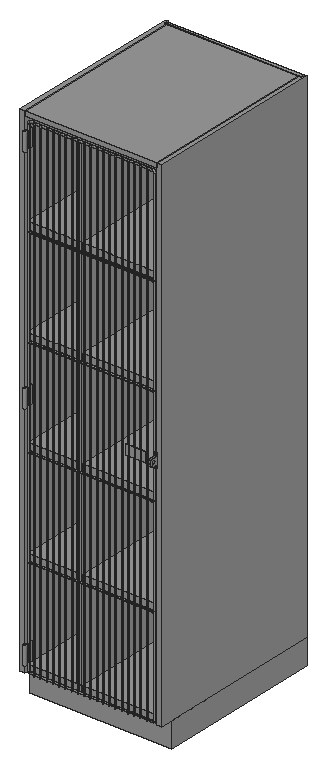
Revit family "TMI_M3008-Music_Wire Grille Doors1", category Casework, Revit 2016
Family settings
  OmniClass Number = 23.40.35.14.11
  OmniClass Title = Modular Casework
  Work Plane-Based = No
  Always vertical = Yes
  Cut with Voids When Loaded = No
  Shared = No
  Room Calculation Point = No
Parameters (values of type "23" x 84-1/2" x 29"")
  URL = "www.tmisystems.com"
  Toe Kick Height = 4"
  Toe Kick Depth = 2"
  Shelf Thickness = 1 1/8"
  Model = "M3008/M5008"
  Manufacturer = "TMI Systems Corporation"
  Interior Finish = none
  Individual Wire Grille Doors [instance] = not(Full Height Wire Grille Door)  # no
  Full Height Wire Grille Door [instance] = yes
  Filler Width (Hinge) [instance] = 3"
  Filler (Pull Side) [instance] = no
  Filler (Hinge Side) [instance] = no
  Filler Width (Pull) [instance] = 3"
  Description = "Clarinet, Flute, Oboe, Piccolo / Alto Saxophone, Cornet, Trumpet"
  Depth = 29"
  Height = 84 1/2"
  Width = 22 5/8"
  Casework Thickness = 3/4"
  Casework Back Thickness = 1/2"
  Cabinet Finish = Plastic Laminate
  Assembly Code = ""
Types (2): name | Description | Depth
  23" x 84-1/2" x 29" | "Clarinet, Flute, Oboe, Piccolo / Alto Saxophone, Cornet, Trumpet" | 29"
  23" x 84-1/2" x 39" | "Clarinet, Flute, Oboe, Piccolo (left) / Alto Cornet, Basson, Bass Clarinet, Tenor Saxophone, Trombone, Violin, Viola (right)" | 39"
Reference planes (in)
  plane 1 "Back": y = 15
  plane 2: z = 0
  plane 3 "Center (Left/Right)": x = 0.7377
  plane 4 "Left": x = -10.5748
  plane 5 "Right": x = 12.0502
  plane 6 "Front": y = -14
  plane 7 "Top": z = 84.5
  plane 8: y = 14.375
  plane 9: x = -9.8248
  plane 10: x = 11.3002
  plane 11: z = 83.75
  plane 12: y = 14.875
  plane 13: y = -12
  plane 14: z = 4
  plane 15: z = 5.125
  plane 16: y = -13.61906
  plane 17: z = 68.625
  plane 18: y = -11.25
  plane 19: y = -13.25
  plane 20: x = -1.0748
  plane 21: x = -1.8248
  plane 22: z = 52.75
  plane 23: z = 36.875
  plane 24: y = -13.49461
  plane 25: z = 83.25
  plane 26: x = 11.6752
  plane 27: x = -10.1998
  plane 28: z = 21
  plane 29: x = -1.4498
  plane 30: y = -13.60344
Forms (in)
  Extrusion 1, solid, material "Plastic Laminate" <- "Cabinet Finish"
    sketch origin (0, 0.21844, 0) x (1, 0, 0) y (0, 1, 0)
      loop
        line (-10.5748, 14.78156) -> (-10.5748, -14.21844) -> (-9.8248, -14.21844) -> (-9.8248, 14.15656) -> (-10.19927, 14.15656) -> (-10.19927, 14.78156) -> (-10.5748, 14.78156)
      loop
        line (11.67327, 14.78156) -> (11.67327, 14.15656) -> (11.3002, 14.15656) -> (11.3002, -14.21844) -> (12.0502, -14.21844) -> (12.0502, 14.78156) -> (11.67327, 14.78156)
    from 4 to 84.5
  Extrusion 2, solid, material "Plastic Laminate" <- "Cabinet Finish"
    sketch origin (0.84915, 11.94613, -1.44731) x (1, 0, 0) y (0, 0, 1)
      loop
        line (-10.67395, 6.57231) -> (-10.67395, 5.44731) -> (10.45105, 5.44731) -> (10.45105, 6.57231) -> (-10.67395, 6.57231)
    from -2.42887 to 25.56519
  Extrusion 3, solid, material "Plastic Laminate" <- "Cabinet Finish"
    sketch origin (0, 0, 0) x (1, 0, 0) y (0, 1, 0)
      loop
        line (-10.19927, 14.875) -> (-10.19927, 14.375) -> (11.67327, 14.375) -> (11.67327, 14.875) -> (-10.19927, 14.875)
    from 84.5 to 4
  Extrusion 4, solid, material "Plastic Laminate" <- "Cabinet Finish", visible <- "Filler (Pull Side)"
    sketch origin (0, -14, 0) x (1, 0, 0) y (0, 0, 1)
      loop
        line (12.0502, 84.5) -> (12.0502, 4) -> (15.0502, 4) -> (15.0502, 84.5) -> (12.0502, 84.5)
    from -0.75 to 0
  Extrusion 5, solid, material "Plastic Laminate" <- "Cabinet Finish", visible <- "Filler (Hinge Side)"
    sketch origin (0, -14, 0) x (1, 0, 0) y (0, 0, 1)
      loop
        line (-13.5748, 84.5) -> (-13.5748, 4) -> (-10.5748, 4) -> (-10.5748, 84.5) -> (-13.5748, 84.5)
    from -0.75 to 0
  Extrusion 6, solid, material "Wood"
    sketch origin (0, 0, 0) x (1, 0, 0) y (0, 0, 1)
      loop
        line (12.0502, 4) -> (-10.5748, 4) -> (-10.5748, 0) -> (12.0502, 0) -> (12.0502, 4)
    from -15 to 12
  Extrusion 7, solid, material "Wood", visible <- "Filler (Pull Side)"
    sketch origin (0, 0, 0) x (1, 0, 0) y (0, 0, 1)
      loop
        line (15.0502, 4) -> (12.0502, 4) -> (12.0502, 0) -> (15.0502, 0) -> (15.0502, 4)
    from 11.25 to 12
  Extrusion 8, solid, material "Wood", visible <- "Filler (Hinge Side)"
    sketch origin (0, 0, 0) x (1, 0, 0) y (0, 0, 1)
      loop
        line (-10.5748, 4) -> (-13.5748, 4) -> (-13.5748, 0) -> (-10.5748, 0) -> (-10.5748, 4)
    from 11.25 to 12
  Extrusion 9, solid, material "Plastic Laminate" <- "Cabinet Finish"
    sketch origin (0, -14, 0) x (1, 0, 0) y (0, 0, 1)
      loop
        line (-9.8248, 68.625) -> (-9.8248, 67.5) -> (11.3002, 67.5) -> (11.3002, 68.625) -> (-9.8248, 68.625)
      loop
        line (-9.8248, 52.75) -> (-9.8248, 51.625) -> (11.3002, 51.625) -> (11.3002, 52.75) -> (-9.8248, 52.75)
      loop
        line (-9.8248, 35.75) -> (11.3002, 35.75) -> (11.3002, 36.875) -> (-9.8248, 36.875) -> (-9.8248, 35.75)
      loop
        line (-9.8248, 19.875) -> (11.3002, 19.875) -> (11.3002, 21) -> (-9.8248, 21) -> (-9.8248, 19.875)
    from -28.375 to -0.39656
  Extrusion 10, solid, material "Plastic Laminate" <- "Cabinet Finish", visible <- "Individual Wire Grille Doors"
    sketch origin (67.5, -14, 0) x (1, 0, 0) y (0, 0, 1)
      loop
        line (-69.3248, 83.75) -> (-69.3248, 4) -> (-68.5748, 4) -> (-68.5748, 83.75) -> (-69.3248, 83.75)
    from -28.375 to 0
  Extrusion 11, solid, material "Plastic Laminate" <- "Cabinet Finish"
    sketch origin (0, 15, 0) x (1, 0, 0) y (0, 0, 1)
      loop
        line (-9.8248, 84.5) -> (-9.8248, 83.75) -> (11.3002, 83.75) -> (11.3002, 84.5) -> (-9.8248, 84.5)
    from 0.625 to 29
  Extrusion 12, solid, material "Plastic Laminate" <- "Cabinet Finish", visible <- "Full Height Wire Grille Door"
    sketch origin (69.25, -14, 0) x (1, 0, 0) y (0, 0, 1)
      loop
        line (-71.0748, 83.75) -> (-71.0748, 4) -> (-70.3248, 4) -> (-70.3248, 83.75) -> (-71.0748, 83.75)
    from -28.375 to -0.38094
Lines and regions (in)
  Masking region 1
    outline origin (44.5, 0, 0) x (1, 0, 0) y (0, 1, 0)
      loop
        line (-55.0748, 15) -> (-55.0748, -14) -> (-32.4498, -14) -> (-32.4498, 15) -> (-55.0748, 15)
  Masking region 2, visible <- "Filler (Hinge Side)"
    outline origin (0, 0, 0) x (1, 0, 0) y (0, 1, 0)
      loop
        line (-13.5748, -13.25) -> (-13.5748, -14) -> (-10.5748, -14) -> (-10.5748, -13.25) -> (-13.5748, -13.25)
  Masking region 3, visible <- "Filler (Pull Side)"
    outline origin (0, 0, 0) x (1, 0, 0) y (0, 1, 0)
      loop
        line (12.0502, -13.25) -> (12.0502, -14) -> (15.0502, -14) -> (15.0502, -13.25) -> (12.0502, -13.25)
  symbolic lines, style "CaseworkHiddenLines"
    curve 1: line (-2.3873, -14, 0) -> (-2.5123, -14, 0)
    curve 2: line (-0.2623, -14, 0) -> (-0.1373, -14, 0)
Dimensions and locks (in)
  equal spacing: plane 4 "Left", plane 3 "Center (Left/Right)", plane 5 "Right"
  "Casework Thickness": plane 4 "Left" to plane 9
  "Casework Thickness": plane 10 to plane 5 "Right"
  "Casework Thickness": plane 7 "Top" to plane 11
  "Filler Width (Pull)": plane 5 "Right" to Extrusion 4
  "Filler Width (Hinge)": Extrusion 5 to plane 4 "Left"
  "Depth": plane 6 "Front" to plane 1 "Back"
  locked: plane 12 to plane 1 "Back" at 0.125
  "Toe Kick Depth": plane 13 to plane 6 "Front"
  "Toe Kick Height": plane 14 to level
  "Height": plane 7 "Top" to level
  locked: plane 6 "Front" to plane 16 at 0.38094
  locked: plane 6 "Front" to plane 19 at 0.75
  locked: plane 18 to plane 13 at 0.75
  "Casework Thickness": plane 21 to plane 20
  plane 16 to plane 24 = 0.12445"
  locked: plane 11 to plane 25 at 0.5
  "Shelf Thickness": plane 15 to plane 14
  equal spacing: plane 7 "Top", plane 17, plane 22, plane 23, plane 28, plane 15
  equal spacing: plane 4 "Left", plane 27, plane 9
  equal spacing: plane 10, plane 26, plane 5 "Right"
  "Casework Back Thickness": plane 12 to plane 8
  "Width": plane 4 "Left" to plane 5 "Right"
  equal spacing: plane 21, plane 29, plane 20
  locked: plane 27 to plane 29 at 8.75
  "Shelf Thickness": plane 17 to Extrusion 9
  "Shelf Thickness": plane 22 to Extrusion 9
  "Shelf Thickness": plane 23 to Extrusion 9
  "Shelf Thickness": plane 28 to Extrusion 9
  locked: plane 16 to plane 30 at 0.01562
  aligned and locked: plane 2 to level
  aligned and locked: Extrusion 1 sketch curve to plane 4 "Left"
  aligned and locked: Extrusion 1 sketch curve to plane 9
  aligned and locked: Extrusion 1 sketch curve to plane 10
  aligned and locked: Extrusion 1 sketch curve to plane 5 "Right"
  aligned and locked: Extrusion 1 to plane 1 "Back"  (x2)
  aligned and locked: plane 8 to Extrusion 3 sketch curve
  aligned and locked: Extrusion 1 to plane 7 "Top"
  aligned and locked: plane 7 "Top" to Extrusion 4 sketch curve
  aligned and locked: Extrusion 4 sketch curve to plane 5 "Right"
  aligned and locked: plane 7 "Top" to Extrusion 5 sketch curve
  aligned and locked: Extrusion 7 to Extrusion 6
  aligned and locked: Extrusion 8 to Extrusion 6
  aligned and locked: plane 14 to Extrusion 8
  aligned and locked: plane 14 to Extrusion 6
  aligned and locked: plane 14 to Extrusion 7
  aligned and locked: Extrusion 4 to plane 14
  aligned and locked: Extrusion 5 to plane 14
  aligned and locked: Extrusion 1 to plane 14
  aligned and locked: Extrusion 2 to plane 14
  aligned and locked: plane 15 to Extrusion 2
  aligned and locked: Extrusion 6 to Extrusion 1
  aligned and locked: plane 1 "Back" to Masking region 1 sketch curve
  aligned and locked: Extrusion 8 to plane 13
  aligned and locked: plane 9 to Extrusion 9 sketch curve  (x2)
  aligned and locked: Extrusion 9 sketch curve to plane 9  (x2)
  aligned and locked: Extrusion 9 sketch curve to plane 10  (x4)
  aligned and locked: plane 8 to Extrusion 9
  aligned and locked: plane 4 "Left" to Masking region 2 sketch curve
  aligned and locked: Masking region 3 sketch curve to plane 5 "Right"
  aligned and locked: Extrusion 9 to plane 17  (x2)
  aligned and locked: plane 6 "Front" to Extrusion 1  (x2)
  aligned and locked: plane 6 "Front" to Extrusion 4
  aligned and locked: plane 6 "Front" to Extrusion 5
  aligned and locked: plane 18 to Extrusion 7
  aligned and locked: Extrusion 4 to plane 19
  aligned and locked: Extrusion 5 to plane 19
  aligned and locked: plane 18 to Extrusion 8
  aligned and locked: Extrusion 8 to Extrusion 5
  aligned and locked: Masking region 2 to Extrusion 5
  aligned and locked: Masking region 2 to plane 19
  aligned and locked: Extrusion 4 to Extrusion 7
  aligned and locked: Masking region 3 to Extrusion 4
  aligned and locked: Masking region 3 to plane 19
  aligned and locked: plane 23 to Extrusion 9
  aligned and locked: Extrusion 9 to plane 22
  aligned and locked: Extrusion 2 to plane 9
  aligned and locked: Extrusion 2 to plane 10
  aligned and locked: plane 16 to Extrusion 2
  aligned and locked: plane 8 to Extrusion 10
  aligned and locked: Extrusion 11 sketch curve to plane 11
  aligned and locked: plane 9 to Extrusion 11 sketch curve
  aligned and locked: Extrusion 11 sketch curve to plane 10
  aligned and locked: plane 6 "Front" to Extrusion 11
  aligned and locked: Extrusion 10 to plane 21
  aligned and locked: Extrusion 10 to plane 20
  aligned and locked: plane 9 to Extrusion 1
  aligned and locked: plane 6 "Front" to Masking region 1
  aligned and locked: Extrusion 11 to plane 7 "Top"
  aligned and locked: plane 8 to Extrusion 11
  aligned and locked: Extrusion 3 to Extrusion 1  (x2)
  aligned and locked: plane 8 to Extrusion 2
  aligned and locked: Extrusion 3 to plane 14
  aligned and locked: Extrusion 3 to plane 7 "Top"
  aligned and locked: plane 28 to Extrusion 9 sketch curve
  aligned and locked: nested 1 to plane 14
  aligned and locked: nested 1 to plane 20
  aligned and locked: nested 1 to plane 6 "Front"
  aligned and locked: nested 5 to plane 6 "Front"  (x2)
  aligned and locked: nested 4 to plane 6 "Front"
  aligned and locked: nested 3 to plane 6 "Front"
  aligned and locked: nested 2 to plane 6 "Front"
  aligned and locked: nested 2 to plane 20
  aligned and locked: plane 25 to nested 5
  aligned and locked: nested 5 to plane 20
  aligned and locked: plane 6 "Front" to Extrusion 10
  aligned and locked: plane 8 to Extrusion 12
  aligned and locked: Extrusion 12 to plane 21
  aligned and locked: Extrusion 12 to plane 20
  aligned and locked: plane 16 to Extrusion 12
  aligned and locked: Extrusion 12 to plane 11
  aligned and locked: Extrusion 10 to plane 11
  aligned and locked: nested 3 to plane 20
  aligned and locked: nested 4 to plane 20
  aligned and locked: plane 9 to nested 7
  aligned and locked: plane 9 to nested 8
  aligned and locked: plane 9 to nested 6
  aligned and locked: plane 9 to nested 9
  aligned and locked: nested 6 to plane 14
  aligned and locked: plane 25 to nested 8
  aligned and locked: nested 7 to plane 6 "Front"
  aligned and locked: nested 8 to plane 6 "Front"
  aligned and locked: nested 6 to plane 6 "Front"
  aligned and locked: nested 9 to plane 6 "Front"
  aligned and locked: plane 9 to nested 10
  aligned and locked: nested 10 to plane 6 "Front"
  aligned and locked: nested 10 to plane 14
  aligned and locked: Extrusion 9 to nested 2
  aligned and locked: Extrusion 9 to nested 3
  aligned and locked: Extrusion 9 to nested 9
  aligned and locked: Extrusion 9 to nested 4
  aligned and locked: Extrusion 9 to nested 7
  aligned and locked: plane 30 to Extrusion 9
  aligned and locked: Extrusion 10 to plane 14
  aligned and locked: Extrusion 12 to plane 14
  aligned and locked: Extrusion 9 to nested 11
  aligned and locked: nested 11 to plane 6 "Front"
  aligned and locked: plane 9 to nested 11
Automatic sketch dimensions
  curve 1 to level = 0"
  curve 2 to level = 0"
  curve 1 to plane 21 = 11/16"
  curve 1 to curve 1 = 1/8"
  curve 2 to plane 20 = 13/16"
  curve 2 to curve 2 = 1/8"
  plane 1 "Back" to Extrusion 1 sketch curve = 0"  (x2)
  Extrusion 1 sketch curve to plane 8 = 0"  (x2)
  plane 6 "Front" to Extrusion 1 sketch curve = 0"  (x2)
  Extrusion 1 sketch curve to plane 27 = 0.00052"
  plane 26 to Extrusion 1 sketch curve = 0.00194"
  Extrusion 2 sketch curve to plane 9 = 0"
  plane 10 to Extrusion 2 sketch curve = 0"
  Extrusion 2 sketch curve to plane 14 = 0"
  Extrusion 2 sketch curve to plane 15 = 0"
  Extrusion 3 sketch curve to plane 12 = 0"
  Extrusion 3 sketch curve to plane 27 = 0.00052"
  plane 26 to Extrusion 3 sketch curve = 0.00194"
  Extrusion 4 sketch curve to plane 14 = 0"
  Extrusion 4 sketch curve to plane 5 "Right" = 3"
  Extrusion 5 sketch curve to plane 14 = 0"
  plane 4 "Left" to Extrusion 5 sketch curve = 0"
  Extrusion 5 sketch curve to Extrusion 5 sketch curve = 3"
  plane 4 "Left" to Extrusion 6 sketch curve = 0"
  Extrusion 6 sketch curve to level = 0"
  plane 5 "Right" to Extrusion 6 sketch curve = 0"
  Extrusion 6 sketch curve to plane 14 = 0"
  plane 5 "Right" to Extrusion 7 sketch curve = 0"
  Extrusion 7 sketch curve to level = 0"
  Extrusion 7 sketch curve to plane 14 = 0"
  Extrusion 7 sketch curve to plane 5 "Right" = 3"
  Extrusion 8 sketch curve to plane 14 = 0"
  Extrusion 8 sketch curve to level = 0"
  plane 4 "Left" to Extrusion 8 sketch curve = 0"
  Extrusion 8 sketch curve to Extrusion 8 sketch curve = 3"
  Masking region 1 sketch curve to plane 4 "Left" = 0"
  Masking region 1 sketch curve to plane 5 "Right" = 0"
  plane 6 "Front" to Masking region 1 sketch curve = 0"
  Extrusion 9 sketch curve to plane 23 = 0"
  Extrusion 9 sketch curve to plane 22 = 0"
  Extrusion 9 sketch curve to plane 17 = 0"
  plane 6 "Front" to Masking region 2 sketch curve = 0"
  plane 19 to Masking region 2 sketch curve = 0"
  plane 4 "Left" to Masking region 2 sketch curve = 3"
  plane 6 "Front" to Masking region 3 sketch curve = 0"
  plane 19 to Masking region 3 sketch curve = 0"
  Masking region 3 sketch curve to Masking region 3 sketch curve = 3"
  Extrusion 10 sketch curve to plane 15 = 1 1/8"
  Extrusion 10 sketch curve to plane 21 = 0"
  plane 20 to Extrusion 10 sketch curve = 0"
  plane 11 to Extrusion 10 sketch curve = 0"
  Extrusion 11 sketch curve to plane 7 "Top" = 0"
  Extrusion 12 sketch curve to plane 15 = 1 1/8"
  plane 11 to Extrusion 12 sketch curve = 0"
  plane 20 to Extrusion 12 sketch curve = 3/4"
  Extrusion 12 sketch curve to Extrusion 12 sketch curve = 3/4"
  Extrusion 9 sketch curve to plane 28 = 1 1/8"
  Extrusion 9 sketch curve to Extrusion 9 sketch curve = 1 1/8"  (x3)
Nested families (in)
  nested 1: "Individual Wire Grille Doors 27in Wide x2" at (5.11185, -13.76369, 4), visible <- "Individual Wire Grille Doors", type "Individual Wire Grille Doors 27in Wide x2"
    with Number of Verticle Bars 11, Bar Spacing 1"
  nested 2: "Individual Wire Grille Doors 27in Wide x2" at (5.11185, -13.76369, 19.875), visible <- "Individual Wire Grille Doors", type "Individual Wire Grille Doors 27in Wide x2"
    with Number of Verticle Bars 11, Bar Spacing 1"
  nested 3: "Individual Wire Grille Doors 27in Wide x2" at (5.11185, -13.76369, 35.75), visible <- "Individual Wire Grille Doors", type "Individual Wire Grille Doors 27in Wide x2"
    with Number of Verticle Bars 11, Bar Spacing 1"
  nested 4: "Individual Wire Grille Doors 27in Wide x2" at (5.11185, -13.76369, 51.625), visible <- "Individual Wire Grille Doors", type "Individual Wire Grille Doors 27in Wide x2"
    with Number of Verticle Bars 11, Bar Spacing 1"
  nested 5: "Individual Wire Grille Doors 27in Wide x2" at (5.11185, -13.76369, 67.625), visible <- "Individual Wire Grille Doors", type "Individual Wire Grille Doors 27in Wide x2"
    with Number of Verticle Bars 11, Bar Spacing 1"
  nested 6: "Individual Wire Grille Doors 27in Wide" at (-5.82565, -13.76369, 4), visible <- "Individual Wire Grille Doors", type "Individual Wire Grille Doors 27in Wide"
    with Number of Verticle Bars 6, Bar Spacing 1"
  nested 7: "Individual Wire Grille Doors 27in Wide" at (-5.82565, -13.76369, 51.625), visible <- "Individual Wire Grille Doors", type "Individual Wire Grille Doors 27in Wide"
    with Number of Verticle Bars 6, Bar Spacing 1"
  nested 8: "Individual Wire Grille Doors 27in Wide" at (-5.82565, -13.76369, 67.625), visible <- "Individual Wire Grille Doors", type "Individual Wire Grille Doors 27in Wide"
    with Number of Verticle Bars 6, Bar Spacing 1"
  nested 9: "Individual Wire Grille Doors 27in Wide" at (-5.82565, -13.76369, 35.75), visible <- "Individual Wire Grille Doors", type "Individual Wire Grille Doors 27in Wide"
    with Number of Verticle Bars 6, Bar Spacing 1"
  nested 10: "Full Height Wire Grille Door 23in Wide" at (0.73685, -13.76369, 4), visible <- "Full Height Wire Grille Door", type "Full Height Wire Grille Door 23in Wide"
    with Number of Verticle Bars 19, Bar Spacing 1"
  nested 11: "Individual Wire Grille Doors 27in Wide" at (-5.82565, -13.76369, 19.875), visible <- "Individual Wire Grille Doors", type "Individual Wire Grille Doors 27in Wide"
    with Number of Verticle Bars 6, Bar Spacing 1"
Definition of nested family "Individual Wire Grille Doors 27in Wide x2"
  Parameters (values of type "Individual Wire Grille Doors 27in Wide x2")
    Width = 11 3/8"
    Pull height from Bottom of Casework = 33 13/16"
    Number of Verticle Bars [instance] = (Width / Bar Spacing)  # 11
    Height = 15 5/8"
    Distance of Hinge from Edge of Casework = 2 13/16"
    Bar Spacing [instance] = 1"
  Reference planes (in)
    plane 1 "Center (Front/Back)": y = 0
    plane 2: z = 0
    plane 3 "Center (Left/Right)": x = 0
    plane 4: x = -5.81165
    plane 5: x = -5.56335
    plane 6: z = 15.625
    plane 7: z = 15.375
    plane 8: z = 15.5
    plane 9: x = -5.6875
    plane 10: x = 5.81888
    plane 11: x = 5.55612
    plane 12: x = 5.6875
    plane 13: z = 0.25
    plane 14: z = 0.125
    plane 15: y = -0.125
    plane 16: z = 7.8125
    plane 17: y = -0.17188
    plane 18: x = -4.6875
    plane 19: y = 0.28516
    plane 20: x = 6.19388
    plane 21: y = -0.23631
    plane 22: z = 2.8125
    plane 23: z = 12.8125
    plane 24: z = 8.93853
    plane 25: x = -4.6875
    plane 26: y = -0.17188
    plane 27: x = -3.6875
    plane 28: y = -0.17188
    plane 29: x = -2.6875
    plane 30: y = -0.17188
    plane 31: x = -1.6875
    plane 32: y = -0.17188
    plane 33: x = -0.6875
    plane 34: y = -0.17188
    plane 35: x = 0.3125
    plane 36: y = -0.17188
    plane 37: x = 1.3125
    plane 38: y = -0.17188
    plane 39: x = 2.3125
    plane 40: y = -0.17188
    plane 41: x = 3.3125
    plane 42: y = -0.17188
    plane 43: x = 4.3125
    plane 44: y = -0.17188
    plane 45: x = 5.3125
    plane 46: y = -0.17188
    plane 47: z = 7.8125
  Forms (in)
    Sweep 1, solid
      path origin (0, 0, 0) x (1, 0, 0) y (0, 0, 1)
        loop
          arc (-5.4375, 15.5) -> (-5.61428, 15.42678) -> (-5.6875, 15.25) r 0.25
          line (-5.6875, 15.25) -> (-5.6875, 0.375)
          arc (-5.6875, 0.375) -> (-5.61428, 0.19822) -> (-5.4375, 0.125) r 0.25
          line (-5.4375, 0.125) -> (5.4375, 0.125)
          arc (5.4375, 0.125) -> (5.61428, 0.19822) -> (5.6875, 0.375) r 0.25
          line (5.6875, 0.375) -> (5.6875, 15.25)
          arc (5.6875, 15.25) -> (5.61428, 15.42678) -> (5.4375, 15.5) r 0.25
          line (5.4375, 15.5) -> (-5.4375, 15.5)
      profile "4 Circle : 4 Circle" origin (0, 0, 15.5) x (0, 0, 1) y (0, -1, 0)
        loop
          circle (0, 0) r 0.125
    Extrusion 2, solid
      sketch origin (0, 0, 0) x (0, 1, 0) y (0, 0, 1)
        loop
          circle (0, 7.8125) r 0.125
      from -5.6875 to 5.6875
    Extrusion 3, solid
      sketch origin (0, 0, -0.01317) x (1, 0, 0) y (0, 1, 0)
        loop
          circle (-4.6875, -0.17188) r 0.0625
      from 0.01317 to 15.63817
    Extrusion 4, solid
      sketch origin (1, 0, -0.01317) x (1, 0, 0) y (0, 1, 0)
        loop
          circle (-4.6875, -0.17188) r 0.0625
      from 0.01317 to 15.63817
    Extrusion 5, solid
      sketch origin (2, 0, -0.01317) x (1, 0, 0) y (0, 1, 0)
        loop
          circle (-4.6875, -0.17188) r 0.0625
      from 0.01317 to 15.63817
    Extrusion 6, solid
      sketch origin (3, 0, -0.01317) x (1, 0, 0) y (0, 1, 0)
        loop
          circle (-4.6875, -0.17188) r 0.0625
      from 0.01317 to 15.63817
    Extrusion 7, solid
      sketch origin (4, 0, -0.01317) x (1, 0, 0) y (0, 1, 0)
        loop
          circle (-4.6875, -0.17188) r 0.0625
      from 0.01317 to 15.63817
    Extrusion 8, solid
      sketch origin (5, 0, -0.01317) x (1, 0, 0) y (0, 1, 0)
        loop
          circle (-4.6875, -0.17188) r 0.0625
      from 0.01317 to 15.63817
    Extrusion 9, solid
      sketch origin (6, 0, -0.01317) x (1, 0, 0) y (0, 1, 0)
        loop
          circle (-4.6875, -0.17188) r 0.0625
      from 0.01317 to 15.63817
    Extrusion 10, solid
      sketch origin (7, 0, -0.01317) x (1, 0, 0) y (0, 1, 0)
        loop
          circle (-4.6875, -0.17188) r 0.0625
      from 0.01317 to 15.63817
    Extrusion 11, solid
      sketch origin (8, 0, -0.01317) x (1, 0, 0) y (0, 1, 0)
        loop
          circle (-4.6875, -0.17188) r 0.0625
      from 0.01317 to 15.63817
    Extrusion 12, solid
      sketch origin (9, 0, -0.01317) x (1, 0, 0) y (0, 1, 0)
        loop
          circle (-4.6875, -0.17188) r 0.0625
      from 0.01317 to 15.63817
    Extrusion 13, solid
      sketch origin (10, 0, -0.01317) x (1, 0, 0) y (0, 1, 0)
        loop
          circle (-4.6875, -0.17188) r 0.0625
      from 0.01317 to 15.63817
    Extrusion 14, solid
      sketch origin (0, 0, 0) x (1, 0, 0) y (0, 0, 1)
        loop
          line (1.38138, 8.5625) -> (1.38138, 7.0625) -> (4.56888, 7.0625) -> (4.56888, 8.5625) -> (1.38138, 8.5625)
      from 0.23631 to 0.33984
  Lines and regions (in)
    model lines
      curve 1: line (5.6875, 0, 15.5) -> (-5.6875, 0, 7.8125)
      curve 2: line (-5.6875, 0, 7.8125) -> (5.6875, 0, 0.125)
  Dimensions and locks (in)
    locked: plane 6 to plane 7 at 0.25
    equal spacing: plane 4, plane 9, plane 5
    locked: plane 4 to plane 5 at 0.24829
    equal spacing: plane 10, plane 12, plane 11
    plane 10 to plane 11 = 0.26276"
    equal spacing: plane 13, plane 14, plane 2
    locked: plane 13 to plane 2 at 0.25
    equal spacing: plane 12, plane 3 "Center (Left/Right)", plane 9
    locked: plane 15 to plane 1 "Center (Front/Back)" at 0.125
    "Width": plane 12 to plane 9
    "Height": plane 6 to level
    plane 8 to plane 14 = 15 3/8"
    "Bar Spacing": plane 9 to plane 18
    locked: plane 15 to plane 17 at 0.04688
    plane 1 "Center (Front/Back)" to plane 19 = 73/256"
    locked: plane 10 to plane 20 at 0.375
    locked: plane 17 to plane 21 at 0.06444
    "Distance of Hinge from Edge of Casework": plane 6 to plane 23
    "Distance of Hinge from Edge of Casework": plane 22 to plane 2
    locked: plane 24 to plane 16 at 1.12603
    equal spacing: plane 6, plane 8, plane 7
    equal spacing: plane 6, plane 16, level
    equal spacing: group 1, group 2, group 3, group 4, group 5, group 6, group 7, group 8, group 9, group 10, group 11  (x3)
    locked: Extrusion 14 sketch curve to Extrusion 14 sketch curve at 3.1875
    locked: Extrusion 14 sketch curve to nested 1 at 1.25
    equal spacing: Extrusion 14 sketch curve, plane 47, Extrusion 14 sketch curve
    locked: Extrusion 14 sketch curve to Extrusion 14 sketch curve at 1.5
    aligned and locked: plane 12 to Sweep 1 sketch curve
    aligned and locked: plane 9 to Sweep 1 sketch curve
    aligned and locked: nested 1 to plane 10
    aligned and locked: plane 19 to nested 1
    aligned and locked: plane 19 to nested 2
    aligned and locked: plane 10 to nested 1
    aligned and locked: nested 3 to plane 4
    aligned and locked: nested 3 to plane 21
    aligned and locked: nested 3 to plane 23
    aligned and locked: nested 4 to plane 4
    aligned and locked: nested 4 to plane 21
    aligned and locked: nested 4 to plane 22
    aligned and locked: Extrusion 2 to plane 9
    aligned and locked: Extrusion 2 to plane 12
    aligned and locked: plane 20 to nested 2
    aligned and locked: nested 2 to plane 24
    aligned and locked: nested 1 to plane 24
    aligned and locked: plane 17 to Extrusion 3
    aligned and locked: Extrusion 3 to plane 2
    aligned and locked: plane 6 to Extrusion 3
    aligned and locked: Extrusion 3 to level
    aligned and locked: plane 14 to Sweep 1 sketch curve
    aligned and locked: Sweep 1 sketch curve to plane 8
    aligned and locked: plane 16 to plane 47
    aligned and locked: plane 21 to Extrusion 14
    aligned and locked: nested 1 to Extrusion 14
  Automatic sketch dimensions
    Extrusion 2 sketch curve to plane 1 "Center (Front/Back)" = 0"
    Extrusion 2 sketch curve to plane 16 = 0"
    Extrusion 3 sketch curve to plane 25 = 0"
    Extrusion 3 sketch curve to plane 26 = 0"
    plane 5 to Sweep 1 sketch curve = 0.12585"  (x2)
    plane 11 to Sweep 1 sketch curve = 0.11862"  (x2)
    Extrusion 4 sketch curve to plane 27 = 0"
    Extrusion 4 sketch curve to plane 28 = 0"
    Extrusion 5 sketch curve to plane 29 = 0"
    Extrusion 5 sketch curve to plane 30 = 0"
    Extrusion 6 sketch curve to plane 31 = 0"
    Extrusion 6 sketch curve to plane 32 = 0"
    Extrusion 7 sketch curve to plane 33 = 0"
    Extrusion 7 sketch curve to plane 34 = 0"
    Extrusion 8 sketch curve to plane 35 = 0"
    Extrusion 8 sketch curve to plane 36 = 0"
    Extrusion 9 sketch curve to plane 37 = 0"
    Extrusion 9 sketch curve to plane 38 = 0"
    Extrusion 10 sketch curve to plane 39 = 0"
    Extrusion 10 sketch curve to plane 40 = 0"
    Extrusion 11 sketch curve to plane 41 = 0"
    Extrusion 11 sketch curve to plane 42 = 0"
    Extrusion 12 sketch curve to plane 43 = 0"
    Extrusion 12 sketch curve to plane 44 = 0"
    Extrusion 13 sketch curve to plane 45 = 0"
    Extrusion 13 sketch curve to plane 46 = 0"
    curve 2 to plane 9 = 0"
    plane 12 to curve 2 = 0"
    curve 1 to plane 8 = 0"
    plane 12 to curve 1 = 0"
    curve 2 to plane 14 = 0"
    curve 2 to plane 16 = 0"
    radius of Extrusion 2 sketch curve = 1/8"
    radius of Extrusion 3 sketch curve = 1/16"
    radius of Extrusion 4 sketch curve = 1/16"
    radius of Extrusion 5 sketch curve = 1/16"
    radius of Extrusion 6 sketch curve = 1/16"
    radius of Extrusion 7 sketch curve = 1/16"
    radius of Extrusion 8 sketch curve = 1/16"
    radius of Extrusion 9 sketch curve = 1/16"
    radius of Extrusion 10 sketch curve = 1/16"
    radius of Extrusion 11 sketch curve = 1/16"
    radius of Extrusion 12 sketch curve = 1/16"
    radius of Extrusion 13 sketch curve = 1/16"
  Nested families (in)
    nested 1: "Pad Lock" at (5.81888, -0.33984, 7.81353), type "Pad Lock"
    nested 2: "Pad Lock" at (6.13138, -0.33984, 7.81353), type "Pad Lock"
    nested 3: "5k hinge (music)" at (-6.0304, 0.76369, 11.40625) x (-1, 0, 0) z (0, 0, 1), type "5k hinge (music)"
      with Width 16"
    nested 4: "5k hinge (music)" at (-6.0304, 0.76369, 1.40625) x (-1, 0, 0) z (0, 0, 1), type "5k hinge (music)"
      with Width 16"
  Definition of nested family "Pad Lock"
    Reference planes (in)
      plane 1 "Center (Front/Back)": y = 0
      plane 2: z = 0
      plane 3 "Center (Left/Right)": x = 0
      plane 4: z = 1.125
      plane 5: z = -1.125
      plane 6: y = -1.125
      plane 7: y = 0.625
      plane 8: y = -0.5625
      plane 9: x = 0.0625
    Forms (in)
      Extrusion 1, solid
        sketch origin (0, 0.00036, 0.01611) x (0, 0, 1) y (0, -1, 0)
          loop
            line (0.98389, 0) -> (0.56967, 0) -> (0.56967, 0.56286)
            arc (0.56967, 0.56286) -> (0, 1.13253) -> (-0.56967, 0.56286) r 0.56967
            line (-0.56967, 0.56286) -> (-0.56967, 0) -> (-1.01611, 0)
            arc (-1.01611, 0) -> (-1.1045, -0.03661) -> (-1.14111, -0.125) r 0.125
            line (-1.14111, -0.125) -> (-1.14111, -0.62464) -> (1.10889, -0.62464) -> (1.10889, -0.125)
            arc (1.10889, -0.125) -> (1.07227, -0.03661) -> (0.98389, 0) r 0.125
          loop
            circle (0, 0.56286) r 0.375
        from 0 to 0.0625
    Dimensions and locks (in)
      locked: plane 4 to plane 5 at 2.25
      locked: plane 6 to plane 7 at 1.75
      locked: plane 9 to plane 3 "Center (Left/Right)" at 0.0625
      equal spacing: plane 1 "Center (Front/Back)", plane 8, plane 6
      locked: plane 7 to plane 1 "Center (Front/Back)" at 0.625
      equal spacing: plane 5, plane 2, plane 4
      aligned and locked: plane 2 to level
      aligned and locked: plane 9 to Extrusion 1
    Automatic sketch dimensions
      Extrusion 1 sketch curve to Extrusion 1 sketch curve = 0"  (x2)
      Extrusion 1 sketch curve to plane 5 = 0"
      Extrusion 1 sketch curve to plane 8 = 0"
      plane 4 to Extrusion 1 sketch curve = 0"
      Extrusion 1 sketch curve to plane 7 = 0"
      Extrusion 1 sketch curve to plane 1 "Center (Front/Back)" = 0.00036"
      plane 5 to Extrusion 1 sketch curve = 1/8"
      Extrusion 1 sketch curve to level = 0.55355"
      level to Extrusion 1 sketch curve = 0.01611"
      Extrusion 1 sketch curve to Extrusion 1 sketch curve = 1/8"
      Extrusion 1 sketch curve to plane 1 "Center (Front/Back)" = 0.12536"
      radius of Extrusion 1 sketch curve = 3/8"
  Definition of nested family "5k hinge (music)"
    Parameters (values of type "5k hinge (music)")
      door thickness = 1"
      Width [instance] = 16"
      Hinge Distance from Door = 9/16"
      5K hinge size = 2 13/16"
    Reference planes (in)
      plane 1 "Center (Front/Back)": y = 0
      plane 2: z = 0
      plane 3 "Center (Left/Right)": x = 0
      plane 4: x = -0.15625
      plane 5: y = -1
      plane 6: y = -0.5
      plane 7: y = -1.5625
      plane 8: y = -1.28125
      plane 9: x = 0.15625
      plane 10: z = 2.8125
      plane 11: z = 1.40625
      plane 12: x = -0.21875
    Forms (in)
      Extrusion 1, solid
        sketch origin (-8.15625, 0, 0) x (1, 0, 0) y (0, 1, 0)
          loop
            line (8.15625, -1) -> (8.15625, -1.04949)
            arc (8.15625, -1.04949) -> (7.85521, -1.421) -> (8.3125, -1.28125) r 0.25
            line (8.3125, -1.28125) -> (8.3125, 0) -> (8.15625, 0) -> (7.9375, 0) -> (7.9375, -1) -> (8.15625, -1)
        from 0 to 2.8125
    Dimensions and locks (in)
      equal spacing: plane 1 "Center (Front/Back)", plane 6, plane 5
      "Hinge Distance from Door": plane 5 to plane 7
      equal spacing: plane 5, plane 8, plane 7
      "5K hinge size": plane 10 to plane 2
      "door thickness": plane 1 "Center (Front/Back)" to plane 5
      equal spacing: plane 10, plane 11, plane 2
      equal spacing: plane 4, plane 3 "Center (Left/Right)", plane 9
      plane 4 to plane 9 = 5/16"
      plane 12 to plane 4 = 1/16"
      aligned and locked: plane 2 to level
      aligned and locked: plane 5 to Extrusion 1 sketch curve
      aligned and locked: Extrusion 1 to plane 10
      aligned and locked: plane 9 to Extrusion 1
      aligned and locked: Extrusion 1 to plane 2
      aligned and locked: plane 12 to Extrusion 1 sketch curve
    Automatic sketch dimensions
      Extrusion 1 sketch curve to plane 8 = 0"
      plane 1 "Center (Front/Back)" to Extrusion 1 sketch curve = 0"
      Extrusion 1 sketch curve to plane 9 = 0"
      plane 4 to Extrusion 1 sketch curve = 1/16"
      Extrusion 1 sketch curve to plane 3 "Center (Left/Right)" = 0"  (x2)
Definition of nested family "Individual Wire Grille Doors 27in Wide"
  Parameters (values of type "Individual Wire Grille Doors 27in Wide")
    Width = 7"
    Pull height from Bottom of Casework = 33 13/16"
    Number of Verticle Bars [instance] = (Width / Bar Spacing) - 1  # 6
    Height = 15 5/8"
    Distance of Hinge from Edge of Casework = 2 13/16"
    Bar Spacing [instance] = 1"
  Reference planes (in)
    plane 1 "Center (Front/Back)": y = 0
    plane 2: z = 0
    plane 3 "Center (Left/Right)": x = 0
    plane 4: x = -3.62415
    plane 5: x = -3.37585
    plane 6: z = 15.625
    plane 7: z = 15.375
    plane 8: z = 15.5
    plane 9: x = -3.5
    plane 10: x = 3.63138
    plane 11: x = 3.36862
    plane 12: x = 3.5
    plane 13: z = 0.25
    plane 14: z = 0.125
    plane 15: y = -0.125
    plane 16: z = 7.8125
    plane 17: y = -0.17188
    plane 18: x = -2.5
    plane 19: y = 0.28516
    plane 20: x = 4.00638
    plane 21: y = -0.23631
    plane 22: z = 2.8125
    plane 23: z = 12.8125
    plane 24: z = 8.93853
    plane 25: z = 7.8125
  Forms (in)
    Sweep 1, solid
      path origin (0, 0, 0) x (1, 0, 0) y (0, 0, 1)
        loop
          arc (-3.25, 15.5) -> (-3.42678, 15.42678) -> (-3.5, 15.25) r 0.25
          line (-3.5, 15.25) -> (-3.5, 0.375)
          arc (-3.5, 0.375) -> (-3.42678, 0.19822) -> (-3.25, 0.125) r 0.25
          line (-3.25, 0.125) -> (3.25, 0.125)
          arc (3.25, 0.125) -> (3.42678, 0.19822) -> (3.5, 0.375) r 0.25
          line (3.5, 0.375) -> (3.5, 15.25)
          arc (3.5, 15.25) -> (3.42678, 15.42678) -> (3.25, 15.5) r 0.25
          line (3.25, 15.5) -> (-3.25, 15.5)
      profile "4 Circle : 4 Circle" origin (0, 0, 15.5) x (0, 0, 1) y (0, -1, 0)
        loop
          circle (0, 0) r 0.125
    Extrusion 2, solid
      sketch origin (0, 0, 0) x (0, 1, 0) y (0, 0, 1)
        loop
          circle (0, 7.8125) r 0.125
      from -3.5 to 3.5
    Extrusion 3, solid
      sketch origin (0.0625, 0, 0) x (1, 0, 0) y (0, 1, 0)
        loop
          circle (-2.5625, -0.17188) r 0.0625
      from 0 to 15.625
    Extrusion 4, solid
      sketch origin (1.0625, 0, 0) x (1, 0, 0) y (0, 1, 0)
        loop
          circle (-2.5625, -0.17188) r 0.0625
      from 0 to 15.625
    Extrusion 5, solid
      sketch origin (2.0625, 0, 0) x (1, 0, 0) y (0, 1, 0)
        loop
          circle (-2.5625, -0.17188) r 0.0625
      from 0 to 15.625
    Extrusion 6, solid
      sketch origin (3.0625, 0, 0) x (1, 0, 0) y (0, 1, 0)
        loop
          circle (-2.5625, -0.17188) r 0.0625
      from 0 to 15.625
    Extrusion 7, solid
      sketch origin (4.0625, 0, 0) x (1, 0, 0) y (0, 1, 0)
        loop
          circle (-2.5625, -0.17188) r 0.0625
      from 0 to 15.625
    Extrusion 8, solid
      sketch origin (5.0625, 0, 0) x (1, 0, 0) y (0, 1, 0)
        loop
          circle (-2.5625, -0.17188) r 0.0625
      from 0 to 15.625
    Extrusion 9, solid
      sketch origin (0, 0, 0) x (1, 0, 0) y (0, 0, 1)
        loop
          line (-0.80612, 8.5625) -> (-0.80612, 7.0625) -> (2.38138, 7.0625) -> (2.38138, 8.5625) -> (-0.80612, 8.5625)
      from 0.23631 to 0.33984
  Lines and regions (in)
    model lines
      curve 1: line (3.5, 0, 15.5) -> (-3.5, 0, 7.8125)
      curve 2: line (-3.5, 0, 7.8125) -> (3.5, 0, 0.125)
  Dimensions and locks (in)
    locked: plane 6 to plane 7 at 0.25
    equal spacing: plane 6, plane 8, plane 7
    equal spacing: plane 4, plane 9, plane 5
    locked: plane 4 to plane 5 at 0.24829
    equal spacing: plane 10, plane 12, plane 11
    plane 10 to plane 11 = 0.26276"
    equal spacing: plane 13, plane 14, plane 2
    locked: plane 13 to plane 2 at 0.25
    equal spacing: plane 12, plane 3 "Center (Left/Right)", plane 9
    locked: plane 15 to plane 1 "Center (Front/Back)" at 0.125
    "Width": plane 12 to plane 9
    "Height": plane 6 to plane 2
    plane 8 to plane 14 = 15 3/8"
    "Bar Spacing": plane 9 to plane 18
    locked: plane 15 to plane 17 at 0.04688
    plane 1 "Center (Front/Back)" to plane 19 = 73/256"
    locked: plane 10 to plane 20 at 0.375
    locked: plane 17 to plane 21 at 0.06444
    "Distance of Hinge from Edge of Casework": plane 6 to plane 23
    "Distance of Hinge from Edge of Casework": plane 22 to plane 2
    locked: plane 24 to plane 16 at 1.12603
    equal spacing: group 1, group 2, group 3, group 4, group 5, group 6  (x3)
    equal spacing: plane 6, plane 16, level
    locked: Extrusion 9 sketch curve to Extrusion 9 sketch curve at 3.1875
    locked: Extrusion 9 sketch curve to nested 1 at 1.25
    equal spacing: Extrusion 9 sketch curve, plane 25, Extrusion 9 sketch curve
    locked: Extrusion 9 sketch curve to Extrusion 9 sketch curve at 1.5
    aligned and locked: plane 12 to Sweep 1 sketch curve
    aligned and locked: Sweep 1 sketch curve to plane 8
    aligned and locked: plane 9 to Sweep 1 sketch curve
    aligned and locked: plane 14 to Sweep 1 sketch curve
    aligned and locked: nested 1 to plane 10
    aligned and locked: plane 19 to nested 1
    aligned and locked: plane 19 to nested 2
    aligned and locked: plane 10 to nested 1
    aligned and locked: nested 3 to plane 4
    aligned and locked: nested 3 to plane 21
    aligned and locked: nested 3 to plane 23
    aligned and locked: nested 4 to plane 4
    aligned and locked: nested 4 to plane 21
    aligned and locked: nested 4 to plane 22
    aligned and locked: Extrusion 2 to plane 9
    aligned and locked: Extrusion 2 to plane 12
    aligned and locked: Extrusion 3 to plane 2
    aligned and locked: plane 20 to nested 2
    aligned and locked: plane 17 to Extrusion 3
    aligned and locked: nested 2 to plane 24
    aligned and locked: nested 1 to plane 24
    aligned and locked: plane 6 to Extrusion 3
    aligned and locked: plane 16 to plane 25
    aligned and locked: plane 21 to Extrusion 9
    aligned and locked: nested 1 to Extrusion 9
  Automatic sketch dimensions
    plane 5 to Sweep 1 sketch curve = 0.12585"
    Sweep 1 sketch curve to Sweep 1 sketch curve = 1/4"  (x2)
    plane 11 to Sweep 1 sketch curve = 0.11862"
    Extrusion 2 sketch curve to plane 1 "Center (Front/Back)" = 0"
    Extrusion 2 sketch curve to plane 16 = 0"
    curve 2 to plane 9 = 0"
    plane 12 to curve 2 = 0"
    curve 1 to plane 8 = 0"
    plane 12 to curve 1 = 0"
    curve 2 to plane 14 = 0"
    curve 2 to plane 16 = 0"
    radius of Extrusion 2 sketch curve = 1/8"
    radius of Extrusion 3 sketch curve = 1/16"
    radius of Extrusion 4 sketch curve = 1/16"
    radius of Extrusion 5 sketch curve = 1/16"
    radius of Extrusion 6 sketch curve = 1/16"
    radius of Extrusion 7 sketch curve = 1/16"
    radius of Extrusion 8 sketch curve = 1/16"
  Nested families (in)
    nested 1: "Pad Lock" at (3.63138, -0.33984, 7.81353), type "Pad Lock"
    nested 2: "Pad Lock" at (3.94388, -0.33984, 7.81353), type "Pad Lock"
    nested 3: "5k hinge (music)" at (-3.8429, 0.76369, 11.40625) x (-1, 0, 0) z (0, 0, 1), type "5k hinge (music)"
      with Width 16"
    nested 4: "5k hinge (music)" at (-3.8429, 0.76369, 1.40625) x (-1, 0, 0) z (0, 0, 1), type "5k hinge (music)"
      with Width 16"
  Definition of nested family "Pad Lock"
    Reference planes (in)
      plane 1 "Center (Front/Back)": y = 0
      plane 2: z = 0
      plane 3 "Center (Left/Right)": x = 0
      plane 4: z = 1.125
      plane 5: z = -1.125
      plane 6: y = -1.125
      plane 7: y = 0.625
      plane 8: y = -0.5625
      plane 9: x = 0.0625
    Forms (in)
      Extrusion 1, solid
        sketch origin (0, 0.00036, 0.01611) x (0, 0, 1) y (0, -1, 0)
          loop
            line (0.98389, 0) -> (0.56967, 0) -> (0.56967, 0.56286)
            arc (0.56967, 0.56286) -> (0, 1.13253) -> (-0.56967, 0.56286) r 0.56967
            line (-0.56967, 0.56286) -> (-0.56967, 0) -> (-1.01611, 0)
            arc (-1.01611, 0) -> (-1.1045, -0.03661) -> (-1.14111, -0.125) r 0.125
            line (-1.14111, -0.125) -> (-1.14111, -0.62464) -> (1.10889, -0.62464) -> (1.10889, -0.125)
            arc (1.10889, -0.125) -> (1.07227, -0.03661) -> (0.98389, 0) r 0.125
          loop
            circle (0, 0.56286) r 0.375
        from 0 to 0.0625
    Dimensions and locks (in)
      locked: plane 4 to plane 5 at 2.25
      locked: plane 6 to plane 7 at 1.75
      locked: plane 9 to plane 3 "Center (Left/Right)" at 0.0625
      equal spacing: plane 1 "Center (Front/Back)", plane 8, plane 6
      locked: plane 7 to plane 1 "Center (Front/Back)" at 0.625
      equal spacing: plane 5, plane 2, plane 4
      aligned and locked: plane 2 to level
      aligned and locked: plane 9 to Extrusion 1
    Automatic sketch dimensions
      Extrusion 1 sketch curve to Extrusion 1 sketch curve = 0"  (x2)
      Extrusion 1 sketch curve to plane 5 = 0"
      Extrusion 1 sketch curve to plane 8 = 0"
      plane 4 to Extrusion 1 sketch curve = 0"
      Extrusion 1 sketch curve to plane 7 = 0"
      Extrusion 1 sketch curve to plane 1 "Center (Front/Back)" = 0.00036"
      plane 5 to Extrusion 1 sketch curve = 1/8"
      Extrusion 1 sketch curve to level = 0.55355"
      level to Extrusion 1 sketch curve = 0.01611"
      Extrusion 1 sketch curve to Extrusion 1 sketch curve = 1/8"
      Extrusion 1 sketch curve to plane 1 "Center (Front/Back)" = 0.12536"
      radius of Extrusion 1 sketch curve = 3/8"
  Definition of nested family "5k hinge (music)"
    Parameters (values of type "5k hinge (music)")
      door thickness = 1"
      Width [instance] = 16"
      Hinge Distance from Door = 9/16"
      5K hinge size = 2 13/16"
    Reference planes (in)
      plane 1 "Center (Front/Back)": y = 0
      plane 2: z = 0
      plane 3 "Center (Left/Right)": x = 0
      plane 4: x = -0.15625
      plane 5: y = -1
      plane 6: y = -0.5
      plane 7: y = -1.5625
      plane 8: y = -1.28125
      plane 9: x = 0.15625
      plane 10: z = 2.8125
      plane 11: z = 1.40625
      plane 12: x = -0.21875
    Forms (in)
      Extrusion 1, solid
        sketch origin (-8.15625, 0, 0) x (1, 0, 0) y (0, 1, 0)
          loop
            line (8.15625, -1) -> (8.15625, -1.04949)
            arc (8.15625, -1.04949) -> (7.85521, -1.421) -> (8.3125, -1.28125) r 0.25
            line (8.3125, -1.28125) -> (8.3125, 0) -> (8.15625, 0) -> (7.9375, 0) -> (7.9375, -1) -> (8.15625, -1)
        from 0 to 2.8125
    Dimensions and locks (in)
      equal spacing: plane 1 "Center (Front/Back)", plane 6, plane 5
      "Hinge Distance from Door": plane 5 to plane 7
      equal spacing: plane 5, plane 8, plane 7
      "5K hinge size": plane 10 to plane 2
      "door thickness": plane 1 "Center (Front/Back)" to plane 5
      equal spacing: plane 10, plane 11, plane 2
      equal spacing: plane 4, plane 3 "Center (Left/Right)", plane 9
      plane 4 to plane 9 = 5/16"
      plane 12 to plane 4 = 1/16"
      aligned and locked: plane 2 to level
      aligned and locked: plane 5 to Extrusion 1 sketch curve
      aligned and locked: Extrusion 1 to plane 10
      aligned and locked: plane 9 to Extrusion 1
      aligned and locked: Extrusion 1 to plane 2
      aligned and locked: plane 12 to Extrusion 1 sketch curve
    Automatic sketch dimensions
      Extrusion 1 sketch curve to plane 8 = 0"
      plane 1 "Center (Front/Back)" to Extrusion 1 sketch curve = 0"
      Extrusion 1 sketch curve to plane 9 = 0"
      plane 4 to Extrusion 1 sketch curve = 1/16"
      Extrusion 1 sketch curve to plane 3 "Center (Left/Right)" = 0"  (x2)
Definition of nested family "Full Height Wire Grille Door 23in Wide"
  Parameters (values of type "Full Height Wire Grille Door 23in Wide")
    Width = 20 1/8"
    Pull height from Bottom of Casework = 37 13/16"
    Number of Verticle Bars [instance] = (Width / Bar Spacing) - 1  # 19
    Height = 79 1/4"
    Distance of Hinge from Edge of Casework = 2 13/16"
    Bar Spacing [instance] = 1"
  Reference planes (in)
    plane 1 "Center (Front/Back)": y = 0
    plane 2: z = 0
    plane 3 "Center (Left/Right)": x = 0
    plane 4: x = -10.18665
    plane 5: x = -9.93835
    plane 6: z = 79.25
    plane 7: z = 79
    plane 8: z = 79.125
    plane 9: x = -10.0625
    plane 10: x = 10.19388
    plane 11: x = 9.93112
    plane 12: x = 10.0625
    plane 13: z = 0.25
    plane 14: z = 0.125
    plane 15: y = -0.125
    plane 16: z = 39.625
    plane 17: z = 47.525
    plane 18: z = 63.325
    plane 19: z = 31.725
    plane 20: z = 15.925
    plane 21: y = -0.17188
    plane 22: x = -9.0625
    plane 23: y = 0.28516
    plane 24: x = 10.56888
    plane 25: y = -0.23631
    plane 26: z = 37.8125
    plane 27: z = 2.8125
    plane 28: z = 76.4375
    plane 29: z = 38.9375
    plane 30: z = 37.8125
  Forms (in)
    Sweep 1, solid
      path origin (0, 0, 0) x (1, 0, 0) y (0, 0, 1)
        loop
          arc (-9.8125, 79.125) -> (-9.98928, 79.05178) -> (-10.0625, 78.875) r 0.25
          line (-10.0625, 78.875) -> (-10.0625, 0.375)
          arc (-10.0625, 0.375) -> (-9.98928, 0.19822) -> (-9.8125, 0.125) r 0.25
          line (-9.8125, 0.125) -> (9.8125, 0.125)
          arc (9.8125, 0.125) -> (9.98928, 0.19822) -> (10.0625, 0.375) r 0.25
          line (10.0625, 0.375) -> (10.0625, 78.875)
          arc (10.0625, 78.875) -> (9.98928, 79.05178) -> (9.8125, 79.125) r 0.25
          line (9.8125, 79.125) -> (-9.8125, 79.125)
      profile "4 Circle : 4 Circle" origin (0, 0, 79.125) x (0, 0, 1) y (0, -1, 0)
        loop
          circle (0, 0) r 0.125
    Extrusion 2, solid
      sketch origin (0, 0, 0) x (0, 1, 0) y (0, 0, 1)
        loop
          circle (0, 63.325) r 0.125
        loop
          circle (0, 47.525) r 0.125
        loop
          circle (0, 15.925) r 0.125
        loop
          circle (0, 31.725) r 0.125
      from -10.0625 to 10.0625
    Extrusion 3, solid
      sketch origin (1.56294, 0, 0) x (1, 0, 0) y (0, 1, 0)
        loop
          circle (-10.62544, -0.17188) r 0.0625
      from 0 to 79.25
    Extrusion 4, solid
      sketch origin (2.56294, 0, 0) x (1, 0, 0) y (0, 1, 0)
        loop
          circle (-10.62544, -0.17188) r 0.0625
      from 0 to 79.25
    Extrusion 5, solid
      sketch origin (3.56294, 0, 0) x (1, 0, 0) y (0, 1, 0)
        loop
          circle (-10.62544, -0.17188) r 0.0625
      from 0 to 79.25
    Extrusion 6, solid
      sketch origin (4.56294, 0, 0) x (1, 0, 0) y (0, 1, 0)
        loop
          circle (-10.62544, -0.17188) r 0.0625
      from 0 to 79.25
    Extrusion 7, solid
      sketch origin (5.56294, 0, 0) x (1, 0, 0) y (0, 1, 0)
        loop
          circle (-10.62544, -0.17188) r 0.0625
      from 0 to 79.25
    Extrusion 8, solid
      sketch origin (6.56294, 0, 0) x (1, 0, 0) y (0, 1, 0)
        loop
          circle (-10.62544, -0.17188) r 0.0625
      from 0 to 79.25
    Extrusion 9, solid
      sketch origin (7.56294, 0, 0) x (1, 0, 0) y (0, 1, 0)
        loop
          circle (-10.62544, -0.17188) r 0.0625
      from 0 to 79.25
    Extrusion 10, solid
      sketch origin (8.56294, 0, 0) x (1, 0, 0) y (0, 1, 0)
        loop
          circle (-10.62544, -0.17188) r 0.0625
      from 0 to 79.25
    Extrusion 11, solid
      sketch origin (9.56294, 0, 0) x (1, 0, 0) y (0, 1, 0)
        loop
          circle (-10.62544, -0.17188) r 0.0625
      from 0 to 79.25
    Extrusion 12, solid
      sketch origin (10.56294, 0, 0) x (1, 0, 0) y (0, 1, 0)
        loop
          circle (-10.62544, -0.17188) r 0.0625
      from 0 to 79.25
    Extrusion 13, solid
      sketch origin (11.56294, 0, 0) x (1, 0, 0) y (0, 1, 0)
        loop
          circle (-10.62544, -0.17188) r 0.0625
      from 0 to 79.25
    Extrusion 14, solid
      sketch origin (12.56294, 0, 0) x (1, 0, 0) y (0, 1, 0)
        loop
          circle (-10.62544, -0.17188) r 0.0625
      from 0 to 79.25
    Extrusion 15, solid
      sketch origin (13.56294, 0, 0) x (1, 0, 0) y (0, 1, 0)
        loop
          circle (-10.62544, -0.17188) r 0.0625
      from 0 to 79.25
    Extrusion 16, solid
      sketch origin (14.56294, 0, 0) x (1, 0, 0) y (0, 1, 0)
        loop
          circle (-10.62544, -0.17188) r 0.0625
      from 0 to 79.25
    Extrusion 17, solid
      sketch origin (15.56294, 0, 0) x (1, 0, 0) y (0, 1, 0)
        loop
          circle (-10.62544, -0.17188) r 0.0625
      from 0 to 79.25
    Extrusion 18, solid
      sketch origin (16.56294, 0, 0) x (1, 0, 0) y (0, 1, 0)
        loop
          circle (-10.62544, -0.17188) r 0.0625
      from 0 to 79.25
    Extrusion 19, solid
      sketch origin (17.56294, 0, 0) x (1, 0, 0) y (0, 1, 0)
        loop
          circle (-10.62544, -0.17188) r 0.0625
      from 0 to 79.25
    Extrusion 20, solid
      sketch origin (18.56294, 0, 0) x (1, 0, 0) y (0, 1, 0)
        loop
          circle (-10.62544, -0.17188) r 0.0625
      from 0 to 79.25
    Extrusion 21, solid
      sketch origin (19.56294, 0, 0) x (1, 0, 0) y (0, 1, 0)
        loop
          circle (-10.62544, -0.17188) r 0.0625
      from 0 to 79.25
    Extrusion 22, solid
      sketch origin (0, 0, 0) x (1, 0, 0) y (0, 0, 1)
        loop
          line (5.75638, 38.5625) -> (5.75638, 37.0625) -> (8.94388, 37.0625) -> (8.94388, 38.5625) -> (5.75638, 38.5625)
      from 0.23631 to 0.33984
  Lines and regions (in)
    model lines
      curve 1: line (10.06888, 0, 79.125) -> (-10.06252, 0, 39.625)
      curve 2: line (-10.06252, 0, 39.625) -> (10.0625, 0, 0.125)
  Dimensions and locks (in)
    locked: plane 6 to plane 7 at 0.25
    equal spacing: plane 6, plane 8, plane 7
    equal spacing: plane 4, plane 9, plane 5
    locked: plane 4 to plane 5 at 0.24829
    equal spacing: plane 10, plane 12, plane 11
    plane 10 to plane 11 = 0.26276"
    equal spacing: plane 13, plane 14, plane 2
    locked: plane 13 to plane 2 at 0.25
    equal spacing: plane 12, plane 3 "Center (Left/Right)", plane 9
    locked: plane 15 to plane 1 "Center (Front/Back)" at 0.125
    "Width": plane 12 to plane 9
    "Height": plane 6 to plane 2
    plane 8 to plane 14 = 79"
    equal spacing: plane 8, plane 18, plane 17, plane 19, plane 20, plane 14
    "Bar Spacing": plane 9 to plane 22
    locked: plane 15 to plane 21 at 0.04688
    plane 1 "Center (Front/Back)" to plane 23 = 73/256"
    locked: plane 10 to plane 24 at 0.375
    locked: plane 21 to plane 25 at 0.06444
    "Pull height from Bottom of Casework": plane 26 to plane 2
    "Distance of Hinge from Edge of Casework": plane 6 to plane 28
    "Distance of Hinge from Edge of Casework": plane 27 to plane 2
    locked: plane 22 to Extrusion 3 at 0.0625
    locked: plane 29 to plane 26 at 1.125
    equal spacing: group 1, group 2, group 3, group 4, group 5, group 6, group 7, group 8, group 9, group 10, group 11, group 12, group 13, group 14, group 15, group 16, group 17, group 18, group 19  (x3)
    equal spacing: plane 6, plane 16, level
    locked: Extrusion 22 sketch curve to Extrusion 22 sketch curve at 1.5
    locked: Extrusion 22 sketch curve to Extrusion 22 sketch curve at 3.1875
    equal spacing: Extrusion 22 sketch curve, plane 30, Extrusion 22 sketch curve
    nested 1 to Extrusion 22 sketch curve = 1 1/4"
    aligned and locked: plane 2 to level
    aligned and locked: Sweep 1 sketch curve to plane 12
    aligned and locked: Sweep 1 sketch curve to plane 8
    aligned and locked: plane 9 to Sweep 1 sketch curve
    aligned and locked: plane 14 to Sweep 1 sketch curve
    aligned and locked: Extrusion 2 to plane 12
    aligned and locked: Extrusion 2 to plane 9
    aligned and locked: Extrusion 3 to plane 2
    aligned and locked: nested 1 to plane 10
    aligned and locked: plane 23 to nested 1
    aligned and locked: plane 24 to nested 2
    aligned and locked: plane 23 to nested 2
    aligned and locked: plane 10 to nested 1
    aligned and locked: nested 3 to plane 4
    aligned and locked: plane 25 to nested 3
    aligned and locked: nested 3 to plane 28
    aligned and locked: nested 4 to plane 4
    aligned and locked: plane 25 to nested 4
    aligned and locked: nested 4 to plane 27
    aligned and locked: nested 5 to plane 4
    aligned and locked: nested 5 to plane 16
    aligned and locked: plane 25 to nested 5
    aligned and locked: plane 29 to nested 2
    aligned and locked: plane 29 to nested 1
    aligned and locked: plane 6 to Extrusion 3
    aligned and locked: plane 30 to plane 26
    aligned and locked: plane 25 to Extrusion 22
    aligned and locked: nested 1 to Extrusion 22
  Automatic sketch dimensions
    plane 5 to Sweep 1 sketch curve = 0.12585"
    Sweep 1 sketch curve to Sweep 1 sketch curve = 1/4"  (x2)
    plane 11 to Sweep 1 sketch curve = 0.11862"
    Extrusion 2 sketch curve to plane 1 "Center (Front/Back)" = 0"  (x4)
    Extrusion 2 sketch curve to plane 20 = 0"
    Extrusion 2 sketch curve to plane 19 = 0"
    Extrusion 2 sketch curve to plane 17 = 0"
    Extrusion 2 sketch curve to plane 18 = 0"
    curve 1 to plane 16 = 0"
    plane 12 to curve 2 = 0"
    curve 1 to plane 8 = 0"
    curve 2 to plane 14 = 0"
    curve 2 to plane 9 = 0"
    curve 1 to plane 12 = 0.00638"
    radius of Extrusion 3 sketch curve = 1/16"
    radius of Extrusion 2 sketch curve = 1/8"  (x4)
    radius of Extrusion 4 sketch curve = 1/16"
    radius of Extrusion 5 sketch curve = 1/16"
    radius of Extrusion 6 sketch curve = 1/16"
    radius of Extrusion 7 sketch curve = 1/16"
    radius of Extrusion 8 sketch curve = 1/16"
    radius of Extrusion 9 sketch curve = 1/16"
    radius of Extrusion 10 sketch curve = 1/16"
    radius of Extrusion 11 sketch curve = 1/16"
    radius of Extrusion 12 sketch curve = 1/16"
    radius of Extrusion 13 sketch curve = 1/16"
    radius of Extrusion 14 sketch curve = 1/16"
    radius of Extrusion 15 sketch curve = 1/16"
    radius of Extrusion 16 sketch curve = 1/16"
    radius of Extrusion 17 sketch curve = 1/16"
    radius of Extrusion 18 sketch curve = 1/16"
    radius of Extrusion 19 sketch curve = 1/16"
    radius of Extrusion 20 sketch curve = 1/16"
    radius of Extrusion 21 sketch curve = 1/16"
  Nested families (in)
    nested 1: "Pad Lock" at (10.19388, -0.33984, 37.8125), type "Pad Lock"
    nested 2: "Pad Lock" at (10.50638, -0.33984, 37.8125), type "Pad Lock"
    nested 3: "5k hinge (music)" at (-10.4054, 0.76369, 75.03125) x (-1, 0, 0) z (0, 0, 1), type "5k hinge (music)"
      with Width 16"
    nested 4: "5k hinge (music)" at (-10.4054, 0.76369, 1.40625) x (-1, 0, 0) z (0, 0, 1), type "5k hinge (music)"
      with Width 16"
    nested 5: "5k hinge (music)" at (-10.4054, 0.76369, 38.21875) x (-1, 0, 0) z (0, 0, 1), type "5k hinge (music)"
      with Width 16"
  Definition of nested family "Pad Lock"
    Reference planes (in)
      plane 1 "Center (Front/Back)": y = 0
      plane 2: z = 0
      plane 3 "Center (Left/Right)": x = 0
      plane 4: z = 1.125
      plane 5: z = -1.125
      plane 6: y = -1.125
      plane 7: y = 0.625
      plane 8: y = -0.5625
      plane 9: x = 0.0625
    Forms (in)
      Extrusion 1, solid
        sketch origin (0, 0.00036, 0.01611) x (0, 0, 1) y (0, -1, 0)
          loop
            line (0.98389, 0) -> (0.56967, 0) -> (0.56967, 0.56286)
            arc (0.56967, 0.56286) -> (0, 1.13253) -> (-0.56967, 0.56286) r 0.56967
            line (-0.56967, 0.56286) -> (-0.56967, 0) -> (-1.01611, 0)
            arc (-1.01611, 0) -> (-1.1045, -0.03661) -> (-1.14111, -0.125) r 0.125
            line (-1.14111, -0.125) -> (-1.14111, -0.62464) -> (1.10889, -0.62464) -> (1.10889, -0.125)
            arc (1.10889, -0.125) -> (1.07227, -0.03661) -> (0.98389, 0) r 0.125
          loop
            circle (0, 0.56286) r 0.375
        from 0 to 0.0625
    Dimensions and locks (in)
      locked: plane 4 to plane 5 at 2.25
      locked: plane 6 to plane 7 at 1.75
      locked: plane 9 to plane 3 "Center (Left/Right)" at 0.0625
      equal spacing: plane 1 "Center (Front/Back)", plane 8, plane 6
      locked: plane 7 to plane 1 "Center (Front/Back)" at 0.625
      equal spacing: plane 5, plane 2, plane 4
      aligned and locked: plane 2 to level
      aligned and locked: plane 9 to Extrusion 1
    Automatic sketch dimensions
      Extrusion 1 sketch curve to Extrusion 1 sketch curve = 0"  (x2)
      Extrusion 1 sketch curve to plane 5 = 0"
      Extrusion 1 sketch curve to plane 8 = 0"
      plane 4 to Extrusion 1 sketch curve = 0"
      Extrusion 1 sketch curve to plane 7 = 0"
      Extrusion 1 sketch curve to plane 1 "Center (Front/Back)" = 0.00036"
      plane 5 to Extrusion 1 sketch curve = 1/8"
      Extrusion 1 sketch curve to level = 0.55355"
      level to Extrusion 1 sketch curve = 0.01611"
      Extrusion 1 sketch curve to Extrusion 1 sketch curve = 1/8"
      Extrusion 1 sketch curve to plane 1 "Center (Front/Back)" = 0.12536"
      radius of Extrusion 1 sketch curve = 3/8"
  Definition of nested family "5k hinge (music)"
    Parameters (values of type "5k hinge (music)")
      door thickness = 1"
      Width [instance] = 16"
      Hinge Distance from Door = 9/16"
      5K hinge size = 2 13/16"
    Reference planes (in)
      plane 1 "Center (Front/Back)": y = 0
      plane 2: z = 0
      plane 3 "Center (Left/Right)": x = 0
      plane 4: x = -0.15625
      plane 5: y = -1
      plane 6: y = -0.5
      plane 7: y = -1.5625
      plane 8: y = -1.28125
      plane 9: x = 0.15625
      plane 10: z = 2.8125
      plane 11: z = 1.40625
      plane 12: x = -0.21875
    Forms (in)
      Extrusion 1, solid
        sketch origin (-8.15625, 0, 0) x (1, 0, 0) y (0, 1, 0)
          loop
            line (8.15625, -1) -> (8.15625, -1.04949)
            arc (8.15625, -1.04949) -> (7.85521, -1.421) -> (8.3125, -1.28125) r 0.25
            line (8.3125, -1.28125) -> (8.3125, 0) -> (8.15625, 0) -> (7.9375, 0) -> (7.9375, -1) -> (8.15625, -1)
        from 0 to 2.8125
    Dimensions and locks (in)
      equal spacing: plane 1 "Center (Front/Back)", plane 6, plane 5
      "Hinge Distance from Door": plane 5 to plane 7
      equal spacing: plane 5, plane 8, plane 7
      "5K hinge size": plane 10 to plane 2
      "door thickness": plane 1 "Center (Front/Back)" to plane 5
      equal spacing: plane 10, plane 11, plane 2
      equal spacing: plane 4, plane 3 "Center (Left/Right)", plane 9
      plane 4 to plane 9 = 5/16"
      plane 12 to plane 4 = 1/16"
      aligned and locked: plane 2 to level
      aligned and locked: plane 5 to Extrusion 1 sketch curve
      aligned and locked: Extrusion 1 to plane 10
      aligned and locked: plane 9 to Extrusion 1
      aligned and locked: Extrusion 1 to plane 2
      aligned and locked: plane 12 to Extrusion 1 sketch curve
    Automatic sketch dimensions
      Extrusion 1 sketch curve to plane 8 = 0"
      plane 1 "Center (Front/Back)" to Extrusion 1 sketch curve = 0"
      Extrusion 1 sketch curve to plane 9 = 0"
      plane 4 to Extrusion 1 sketch curve = 1/16"
      Extrusion 1 sketch curve to plane 3 "Center (Left/Right)" = 0"  (x2)
